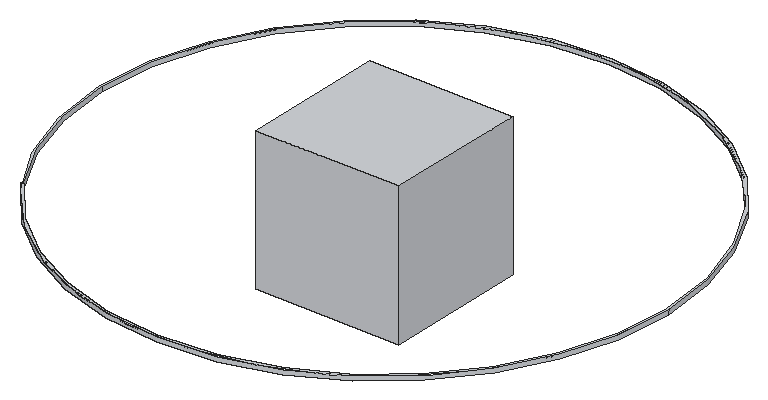
Revit family "Pipe Riser", category Pipe Accessories, Revit 2021
Family settings
  Round Connector Dimension = Use Diameter
  Part Type = Normal
  Work Plane-Based = Yes
  Always vertical = Yes
  Cut with Voids When Loaded = No
  Shared = No
Parameters
  TS_Point_Description [instance] = "RISER"
  Length [instance] = 0' - 0 1/32"  # constant formula
  Inside Diameter [instance] = Diameter - 0' 0 1/32"  # 0' - 3 31/32"
  GTP_PointRole_0 [instance] = ""
  GTP_PointNumber_0 [instance] = ""
  GTP_PointElement_0 [instance] = ""
  GTP_LinkedParam_0 [instance] = "GTP_PointNumber_0"
  Diameter [instance] = 0' - 4"
  Default Elevation = 4' - 0"
Reference planes (in)
  plane 1 "Center (Front/Back)": y = 0
  plane 2: z = 0
  plane 3 "Center (Left/Right)": x = 0
  plane 4: z = -0.03125
Forms (in)
  Extrusion 1, solid
    sketch origin (0, 0, 0) x (1, 0, 0) y (0, 1, 0)
      loop
        circle (0, 0) r 2
      loop
        circle (0, 0) r 1.98438
    from 0 to -0.03125
Dimensions and locks (in)
  "Length": plane 2 to plane 4
  "Diameter": diameter of Extrusion 1 sketch curve
  "Inside Diameter": diameter of Extrusion 1 sketch curve
  aligned and locked: plane 2 to level
  aligned and locked: plane 4 to Extrusion 1
  aligned and locked: Extrusion 1 to plane 2
  aligned and locked: nested 1 to plane 4
Automatic sketch dimensions
  Extrusion 1 sketch curve to Extrusion 1 sketch curve = 0' - 0"  (x2)
  plane 1 "Center (Front/Back)" to Extrusion 1 sketch curve = 0' - 0"
  Extrusion 1 sketch curve to plane 3 "Center (Left/Right)" = 0' - 0"
Nested families (in)
  nested 1: "GTP" at (0, 0, -0.03125), PointNumber <- "GTP_PointNumber_0", PointRole <- "GTP_PointRole_0", PointElement <- "GTP_PointElement_0", LinkedParam <- "GTP_LinkedParam_0", PointDescription <- "TS_Point_Description", type "Generic Pt"
    with PointRole "", PointNumber "", PointElement "", PointDescription "RISER", LinkedParam "GTP_PointNumber_0"
Definition of nested family "GTP"
  Parameters (values of type "Generic Pt")
    URL = ""
    PointRole [instance] = "Stake Out"
    PointNumber [instance] = ""
    PointElement [instance] = ""
    PointDescription [instance] = "Generic Pt"
    Manufacturer = "Autodesk Inc."
    LinkedParam [instance] = ""
    Default Elevation = 0' - 0"
  Reference planes (in)
    plane 1 "Center (Front/Back)": y = 0
    plane 2: z = 0
    plane 3 "Center (Left/Right)": x = 0
  Forms (in)
    Extrusion 1, solid, detail levels medium+fine
      sketch origin (0, 0, 0) x (1, 0, 0) y (0, 1, 0)
        loop
          line (0.5, -0.5) -> (0.5, 0.5) -> (-0.5, 0.5) -> (-0.5, -0.5) -> (0.5, -0.5)
      from -0.5 to 0.5
  Lines and regions (in)
    model lines, detail levels coarse+medium
      curve 1: line (0, 0.5, 0) -> (0, 0, 0)
      curve 2: line (-0.5, 0, 0) -> (0, 0, 0)
      curve 3: line (0, 0, -0.5) -> (0, 0, 0)
      curve 4: line (0, 0, 0) -> (0.5, 0, 0)
      curve 5: line (0, 0, 0) -> (0, -0.5, 0)
      curve 6: line (0, 0, 0) -> (0, 0, 0.5)
